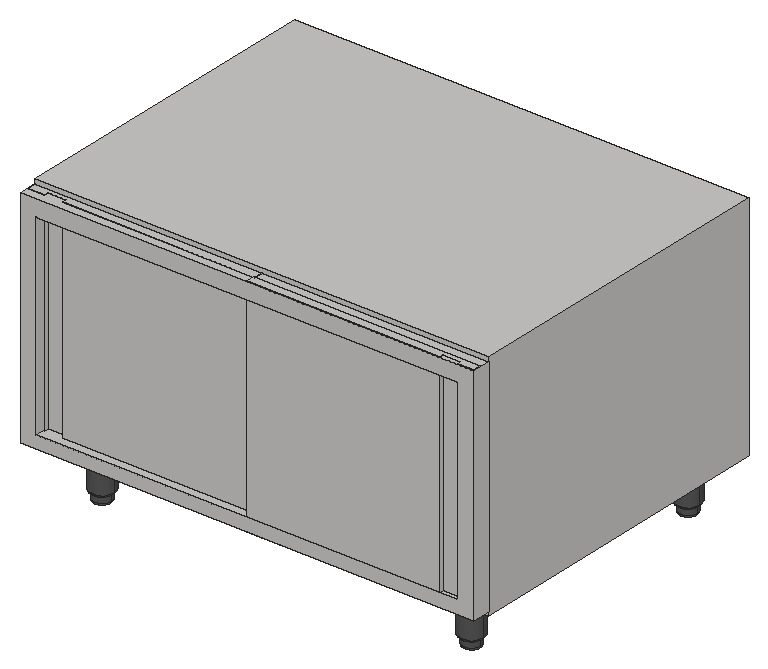
Revit family "QF_CAPIC_CELTIC_W383037", category Equipement spécialisé, Revit 2018
Family settings
  Cote de connecteur circulaire = Utiliser le diamètre
  Type d'élément = Normal
  Numéro OmniClass = 23.40.40.14
  Titre OmniClass = Food Service Equipment
  Basée sur le plan de construction = Non
  Toujours verticalement = Oui
  Couper avec des vides une fois chargée = Non
  Partagée = Non
  Point de calcul de pièce = Non
Parameters (values of type "L=1000mm")
  URL catalogue = "http://www.capic-fr.com/fr/"
  Type de Raccord Plomberie [instance] = ""
  Type de Raccord Electrique [instance] = ""
  Type de Gaz = ""
  Type article [instance] = ""
  Tension = 0 V
  Spécification du Fabricant = ""
  Show Logo = yes
  Remarques evacuation [instance] = ""
  Remarques Plomberie [instance] = ""
  Remarques Electricité [instance] = ""
  Puissance électrique  = 0 W
  Puissance Gaz kW = 0
  Profondeur hors tout = 756 mm
  Pression Maximum Eau Adoucie = 0.0 Pa
  Poids net à vide = 77.00 kg
  Phase = 0
  Modèle = "W383037"
  Longueur hors tout = 1000 mm
  Intensité nominale = 0 A
  Hauteur hors tout = 630 mm
  Hauteur de Raccordement du Sol Finis = 0 mm
  Hauteur de Raccordement Gaz du Sol Finis = 0 mm
  Hauteur de Raccordement Evacuation Directe du Sol Finis = 0 mm
  Hauteur de Raccordement Eau Froide du Sol Finis = 0 mm
  Hauteur de Raccordement Eau Chaude du Sol Finis = 0 mm
  Hauteur de Raccordement Eau Adoucie du Sol Finis = 0 mm
  Fréquence = 0 Hz
  Fabricant = "CAPIC"
  Débit d'air d'extraction = 0.0 m³/h
  Débit Gaz = 0.0 L/s
  Débit Eau Froide = 0.0 L/s
  Débit Eau Chaude = 0.0 L/s
  Débit Eau Adoucie = 0.0 L/s
  Diamètre de Raccordement Gaz = 0 mm
  Diamètre de Raccordement Evacuation = 0 mm
  Diamètre de Raccordement Eau Froide = 0 mm
  Diamètre de Raccordement Eau Chaude = 0 mm
  Diamètre de Raccordement Eau Adoucie = 0 mm
  Description = "Placard Fermé"
  Assembly Code = ""
  Classification  Omniclass nombre et titre = "23.40.40.14"
Reference planes
  plane 1 "Centre (avant/arrière)": y = 0
  plane 2: z = 0
  plane 3 "Centre (gauche/droite)": x = 0
  plane 4 "Centre G/E": y = 0
  plane 5: y = -838
  plane 6: x = 1000
  plane 7: x = 998
  plane 8: x = 2
  plane 9: x = 965
  plane 10: x = 957
  plane 11: y = -820
  plane 12: z = 141
  plane 13: x = 43
  plane 14: x = 35
  plane 15: y = -182
  plane 16: z = 621
  plane 17: z = 120
  plane 18: y = -122
  plane 19: x = 501
  plane 20: x = 499
  plane 21: x = 500
  plane 22 "Centre G/G": y = -89
Forms (mm)
  Extrusion 1, solid, material "QF_Stainless Steel-Brushed"
    sketch origin (1480, 0, 0) x (1, 0, 0) y (0, 0, 1)
      loop
        line (-1480, 630) -> (-1480, 120) -> (-480, 120) -> (-480, 630) -> (-1480, 630)
    from 838 to 122
  Extrusion 2, void
    sketch origin (1480, 0, 0) x (1, 0, 0) y (0, 0, 1)
      loop
        line (-1445, 155.456) -> (-515, 155.456) -> (-515, 585.456) -> (-1445, 585.456) -> (-1445, 155.456)
    from 838 to 182
  Extrusion 3, void
    sketch origin (1480, 0, 0) x (1, 0, 0) y (0, 1, 0)
      loop
        line (-1445, -131.5) -> (-1445, -820) -> (-515, -820) -> (-515, -131.5) -> (-1445, -131.5)
    from 120 to 141
  Extrusion 4, solid, material "QF_Stainless Steel-Brushed"
    sketch origin (800, 0, 0) x (-1, 0, 0) y (0, -1, 0)
      loop
        line (-200, 838) -> (800, 838) -> (800, 878) -> (-200, 878) -> (-200, 838)
    from 127 to 621
  Extrusion 5, void
    sketch origin (0, 0, 0) x (1, 0, 0) y (0, 0, 1)
      loop
        line (35, 585.456) -> (35, 155.456) -> (965, 155.456) -> (965, 585.456) -> (35, 585.456)
    from 838 to 878
  Extrusion 6, solid, material "QF_Stainless Steel-Brushed"
    sketch origin (0, 0, 0) x (1, 0, 0) y (0, 0, 1)
      loop
        line (2, 621) -> (2, 127) -> (501, 127) -> (501, 621) -> (2, 621)
    from 838 to 858
  Extrusion 7, solid, material "QF_Stainless Steel-Brushed"
    sketch origin (620, 0, 0) x (1, 0, 0) y (0, 0, 1)
      loop
        line (-121, 621) -> (-121, 127) -> (378, 127) -> (378, 621) -> (-121, 621)
    from 877 to 858
  Extrusion 8, void
    sketch origin (0, 0, 0) x (1, 0, 0) y (0, 1, 0)
      loop
        line (963, -877) -> (963, -867) -> (923, -867) -> (923, -877) -> (963, -877)
    from 621 to 127
  Extrusion 9, void
    sketch origin (-1048, -1, 0) x (1, 0, 0) y (0, 1, 0)
      loop
        line (1125, -847) -> (1085, -847) -> (1085, -857) -> (1125, -857) -> (1125, -847)
    from 621 to 127
Cuts and joins
  Extrusion 2, Extrusion 3, Extrusion 5 cuts Extrusion 1
  Extrusion 5 cuts Extrusion 4
  Extrusion 8, Extrusion 9 cuts Extrusion 7
  Extrusion 9 cuts Extrusion 6
Dimensions and locks
  locked: plane 9 to plane 6 at 35
  locked: plane 7 to plane 6 at 2
  locked: plane 3 "Centre (gauche/droite)" to plane 8 at 2
  "Longueur hors tout": plane 3 "Centre (gauche/droite)" to plane 6
  locked: plane 3 "Centre (gauche/droite)" to plane 14 at 35
  locked: plane 11 to plane 5 at 18
  locked: plane 15 to plane 5 at 656
  plane 12 to plane 17 to plane 2 = 21 mm locked, 120 mm locked
  locked: plane 10 to plane 6 at 43
  locked: plane 3 "Centre (gauche/droite)" to plane 13 at 43
  equal spacing: plane 3 "Centre (gauche/droite)", plane 21, plane 6
  locked: plane 21 to plane 19 at 1
  locked: plane 20 to plane 21 at 1
  locked: Extrusion 7 to Extrusion 8 sketch curve at 10
  Extrusion 8 sketch curve to Extrusion 8 sketch curve to cut or joined group of Extrusion 7, Extrusion 8, Extrusion 9 = 40 mm locked, 35 mm locked
  locked: Extrusion 6 to Extrusion 9 sketch curve at 10
  plane 8 to Extrusion 9 sketch curve to Extrusion 9 sketch curve = 35 mm locked, 40 mm locked
  aligned and locked: level to plane 2
  aligned and locked: Extrusion 1 to Extrusion 2
  aligned and locked: cut or joined group of Extrusion 1, Extrusion 2, Extrusion 3, Extrusion 5 to plane 5
  aligned and locked: nested 1 to plane 12
  aligned and locked: nested 2 to plane 12
  aligned and locked: nested 2 to plane 11
  aligned and locked: nested 2 to plane 13
  aligned and locked: nested 1 to plane 13
  aligned and locked: nested 3 to plane 10
  aligned and locked: nested 4 to plane 10
  aligned and locked: plane 11 to nested 4
  aligned and locked: Extrusion 3 to plane 11
  aligned and locked: plane 15 to cut or joined group of Extrusion 1, Extrusion 2, Extrusion 3, Extrusion 5
  aligned and locked: plane 18 to cut or joined group of Extrusion 1, Extrusion 2, Extrusion 3, Extrusion 5
  aligned and locked: Extrusion 5 sketch curve to cut or joined group of Extrusion 1, Extrusion 2, Extrusion 3, Extrusion 5  (x4)
  aligned and locked: plane 5 to Extrusion 5
  aligned and locked: Extrusion 4 to Extrusion 5
  aligned and locked: cut or joined group of Extrusion 4, Extrusion 5 to plane 3 "Centre (gauche/droite)"
  aligned and locked: plane 6 to cut or joined group of Extrusion 4, Extrusion 5
  aligned and locked: Extrusion 6 sketch curve to plane 16
  aligned and locked: Extrusion 6 sketch curve to plane 8
  aligned and locked: Extrusion 6 sketch curve to cut or joined group of Extrusion 4, Extrusion 5
  aligned and locked: Extrusion 6 sketch curve to plane 19
  aligned and locked: plane 5 to Extrusion 6
  aligned and locked: Extrusion 7 to Extrusion 6
  aligned and locked: Extrusion 7 to plane 20
  aligned and locked: Extrusion 7 to plane 7
  aligned and locked: Extrusion 8 sketch curve to Extrusion 7
  aligned and locked: Extrusion 8 to cut or joined group of Extrusion 4, Extrusion 5
  aligned and locked: plane 16 to Extrusion 8
  aligned and locked: Extrusion 6 to Extrusion 9 sketch curve
Automatic sketch dimensions
  Extrusion 1 sketch curve to plane 3 "Centre (gauche/droite)" = 0 mm
  Extrusion 1 sketch curve to plane 6 = 0 mm
  Extrusion 1 sketch curve to plane 17 = 0 mm
  plane 16 to Extrusion 1 sketch curve = 9 mm
  Extrusion 2 sketch curve to plane 14 = 0 mm
  Extrusion 2 sketch curve to plane 9 = 0 mm
  Extrusion 2 sketch curve to plane 12 = 14.456 mm
  Extrusion 2 sketch curve to plane 16 = 35.544 mm
  Extrusion 3 sketch curve to plane 11 = 0 mm
  Extrusion 3 sketch curve to plane 14 = 0 mm
  Extrusion 3 sketch curve to plane 9 = 0 mm
  Extrusion 3 sketch curve to plane 18 = 9.5 mm
  Extrusion 4 sketch curve to plane 6 = 0 mm
  Extrusion 4 sketch curve to plane 3 "Centre (gauche/droite)" = 0 mm
  Extrusion 4 sketch curve to plane 5 = 0 mm
  Extrusion 4 sketch curve to Extrusion 4 sketch curve = 40 mm
  Extrusion 7 sketch curve to plane 16 = 0 mm
  plane 17 to Extrusion 7 sketch curve = 7 mm
  Extrusion 7 sketch curve to plane 19 = 2 mm
  Extrusion 7 sketch curve to plane 6 = 2 mm
Nested families
  nested 1: "QF_Details_Pied" at (93, -223, 0), type "QF_Details_Pied"
  nested 2: "QF_Details_Pied" at (93, -820, 0), type "QF_Details_Pied"
  nested 3: "QF_Details_Pied" at (907, -223, 0), type "QF_Details_Pied"
  nested 4: "QF_Details_Pied" at (907, -820, 0), type "QF_Details_Pied"
Definition of nested family "QF_Details_Pied"
  Reference planes
    plane 1 "Centre (avant/arrière)": y = 0
    plane 2: z = 0
    plane 3 "Centre (gauche/droite)": x = 0
  Forms (mm)
    Extrusion 1, solid
      sketch origin (-137.492, 51.5, -340.756) x (1, 0, 0) y (0, 0, 1)
        loop
          line (87.492, 481.756) -> (87.492, 472.756) -> (187.492, 472.756) -> (187.492, 481.756) -> (87.492, 481.756)
      from -40 to 40
    Revolve 2, solid
      sketch origin (0, 51.5, -9) x (1, 0, 0) y (0, 0, 1)
        loop
          line (0, 141) -> (0, 9) -> (19.21, 9) -> (19.21, 13) -> (20.21, 13) -> (20.21, 26) -> (21.71, 26) -> (26.66, 30.95) -> (26.66, 90.95) -> (31.468, 136.698) -> (36.246, 141) -> (0, 141)
        axis (0, 141) -> (0, 9)
      angle from 0 to 360
  Dimensions and locks
    aligned and locked: level to plane 2
    aligned and locked: Extrusion 1 to Revolve 2 sketch curve
